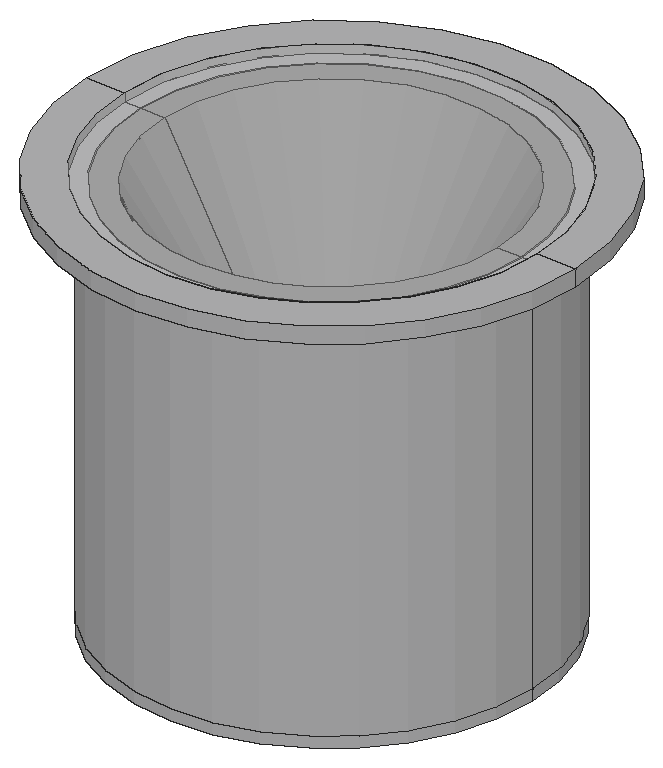
Revit family "2049519 Lighting Fixture_Sylvania_Myriad V LED_Ceiling Recessed", category Lighting Fixtures, host Face, Revit 2015
Parameters (values of type "MYRIAD SS HOUS 3000K DALI")
  Weight = 0.37 kg  # constant formula
  Wattage = 18.932 W
  built-in parameter 1150110 = 1 (stored number, unit not read)
  Voltage Comments = "UNV (Universal Voltage; 220-240 Volt)"  # constant formula
  Voltage = 240 V  # constant formula
  URL = ""
  built-in parameter 1114217 = 1 (stored number, unit not read)
  Tilt Angle = -90.00°  # constant formula
  built-in parameter 1150109 = 1 (stored number, unit not read)
  built-in parameter 1150134 = (empty or 0)
  built-in parameter 1150113 = 1 (stored number, unit not read)
  Reflector Material = Steel_Sylvania_Myrad V LED_Chrome
  Recessed Depth = Height  # 72.0 mm
  Photometric Web File = "2049519_MYRIADVLED16W3KDALI-90256.ies"
  Product Page URL = ""
  Product Family = "MYRIAD V LED - HOUSING ONLY"  # constant formula
  Photometry Comments = ""
  built-in parameter 1150105 = 77.588 (stored number, unit not read)
  Lumens = 975 lm
  built-in parameter 1150115 = 1 (stored number, unit not read)
  built-in parameter 1150137 = (empty or 0)
  built-in parameter 1150139 = (empty or 0)
  Life = "50 000"  # constant formula
  built-in parameter 1150112 = 1 (stored number, unit not read)
  built-in parameter 1150114 = 1 (stored number, unit not read)
  Lamp Comments = "15W Citizen Citiled neutral 4000K"
  LOR = "100%"  # constant formula
  Inner Radius = Cutout Radius - 2.0 mm  # 35.5 mm
  built-in parameter 1150132 = 2
  built-in parameter 1150102 = (empty or 0)
  built-in parameter 1150107 = 3000 (stored number, unit not read)
  built-in parameter 1150138 = (empty or 0)
  built-in parameter 1150106 = 0.77588 (stored number, unit not read)
  Emit from Circle Diameter = Diffuser Diameter  # 77.0 mm
  Emit Shape Visible in Rendering = no
  built-in parameter 1150104 = 4.7845 (stored number, unit not read)
  Dimming Lamp Color Temperature Shift = <None>
  Diffuser Diameter = Cutout Diameter + 2.0 mm  # 77.0 mm
  Cutout Radius = Cutout Diameter / 2  # 37.5 mm
  Cutout Diameter = 75.0 mm
  Color Filter = 16777215
  Body Material = Aluminum_Sylvania_Myrad V LED_Silver
  Beam Angle = 30.00°  # constant formula
  built-in parameter 1114218 = 1 (stored number, unit not read)
  built-in parameter 1150133 = 10 (stored number, unit not read)
  IP Rating = "IP20/44(with accessories)"  # constant formula
  Height = 72.0 mm
  Electrical Protection = "CLASS II"  # constant formula
  built-in parameter 1114216 [instance] = 1 (stored number, unit not read)
  Model = "2049519 MYRIAD SS HOUS 3000K ELEC"
  Manufacturer = "Feilo-Sylvania Group"
  Lamp = "Integrated LED"
  Diffuser Material = Polycarbonate_Sylvania_Myrad V LED_Clear
  Description = "New high output high efficiency LED downlight modules. IR/UV free light source without heat radiation. Energy efficient light source with far superior luminous flux per watt than existing Low Voltage Halogen. Long life up to 50K hours, fit and forget maintenance free lighting solution. Dimmable options including DALI as standard. IP44 & IP65 versions as standard options. New range of Architectural accessories each providing a different lit dimension. Choice of colour temperatures warm 3000K and neutral 4000K. Luminaires supplied complete with LED drivers. Emergency versions passes through cut out. New completely flush plaster up accessory ring for clean ceiling lines and smooth finish. Total circuit power I5W"  # constant formula
  Default Elevation = 0.0 mm
  built-in parameter 1140040 [instance] = 1
  Assembly Code = "D5020200"
  Apparent Load Comments = ""
  Apparent Load = 15 VA
Reference planes
  plane 1 "Center (Front/Back)": y = 0
  plane 2: z = 0
  plane 3 "Center (Left/Right)": x = 0
  plane 4 "Fixture Bottom": z = 3
  plane 5 "Diffuser": z = 1.454
  plane 6 "Fixture Top": z = -72
  plane 7 "Housing Thickness": z = -70
  plane 8 "Reflector Top": z = -33.546
Forms (mm)
  Extrusion 1, void
    sketch origin (0, 0, 58) x (-1, 0, 0) y (0, -1, 0)
      loop
        circle (0, 0) r 37.5
    from -130 to -55
  Revolve 2, solid, material "Aluminum_Sylvania_Myrad V LED_Silver" <- "Body Material", detail levels fine
    sketch origin (0, 0, 0) x (1, 0, 0) y (0, 0, 1)
      loop
        line (-45.521, 3) -> (-45.521, 0) -> (-37.5, 0) -> (-37.5, -70) -> (-35.537, -70) -> (-35.537, 1.454) -> (-38.5, 1.454) -> (-38.5, 3) -> (-45.521, 3)
      axis (0, 3) -> (0, -70)
    angle from 0 to 360
  Extrusion 3, solid, material "Aluminum_Sylvania_Myrad V LED_Silver" <- "Body Material", detail levels fine
    sketch origin (0, 0, 58) x (-1, 0, 0) y (0, -1, 0)
      loop
        circle (0, 0) r 37.5
    from -130 to -128
  Revolve 4, solid, material "Steel_Sylvania_Myrad V LED_Chrome" <- "Reflector Material", detail levels fine
    sketch origin (0, 0, 0) x (1, 0, 0) y (0, 0, 1)
      loop
        line (-35.5, -33.546) -> (0, -33.546) -> (0, -31.083) -> (-12.169, -31.083) -> (-31, 1.454) -> (-35.5, 1.454) -> (-35.5, -33.546)
      axis (0, 1.454) -> (0, -33.546)
    angle from 0 to 360
  Extrusion 5, solid, material "Polycarbonate_Sylvania_Myrad V LED_Clear" <- "Diffuser Material", detail levels fine
    sketch origin (0, 0, 58) x (-1, 0, 0) y (0, -1, 0)
      loop
        circle (0, 0) r 38.5
    from -56.546 to -55
  Revolve 6, solid, material "Aluminum_Sylvania_Myrad V LED_Silver" <- "Body Material", detail levels coarse+medium
    sketch origin (0, 0, 0) x (1, 0, 0) y (0, 0, 1)
      loop
        line (-45.521, 3) -> (-45.521, 0) -> (-37.5, 0) -> (-37.5, -72) -> (0, -72) -> (0, 3) -> (-45.521, 3)
      axis (0, 3) -> (0, -72)
    angle from 0 to 360
Cuts and joins
  joined: Revolve 2, Extrusion 3
Dimensions and locks
  locked: plane 4 "Fixture Bottom" to plane 2 at 3
  locked: plane 5 "Diffuser" to plane 2 at 1.454
  "Height": plane 2 to plane 6 "Fixture Top"
  plane 7 "Housing Thickness" to plane 6 "Fixture Top" = 2.0 mm
  "Cutout Radius": plane 3 "Center (Left/Right)" to Revolve 2 sketch curve
  locked: Revolve 2 sketch curve to Revolve 2 sketch curve at 1.963
  locked: Revolve 2 sketch curve to Revolve 2 sketch curve at 8.021
  locked: Revolve 4 sketch curve to Revolve 4 sketch curve at 2.463
  locked: Revolve 2 sketch curve to Revolve 2 sketch curve at 1
  "Inner Radius": plane 3 "Center (Left/Right)" to Revolve 4 sketch curve
  locked: Revolve 4 sketch curve to Revolve 4 sketch curve at 4.5
  locked: Revolve 4 sketch curve to Revolve 4 sketch curve at 23.331
  locked: plane 5 "Diffuser" to plane 8 "Reflector Top" at 35
  locked: Revolve 6 sketch curve to Revolve 6 sketch curve at 8.021
  "Cutout Radius": Revolve 6 sketch curve to imposter light
  "Cutout Diameter": diameter of Extrusion 1 sketch curve
  "Cutout Diameter": diameter of Extrusion 3 sketch curve
  "Diffuser Diameter": diameter of Extrusion 5 sketch curve
  aligned and locked: host face to plane 2
  aligned and locked: level to host face
  aligned and locked: Revolve 2 sketch curve to plane 4 "Fixture Bottom"
  aligned and locked: Revolve 2 sketch curve to plane 5 "Diffuser"
  aligned and locked: Revolve 2 sketch curve to plane 2
  aligned and locked: Revolve 2 sketch curve to plane 3 "Center (Left/Right)"
  aligned and locked: plane 7 "Housing Thickness" to Extrusion 3
  aligned and locked: Extrusion 3 to plane 6 "Fixture Top"
  aligned and locked: Revolve 2 sketch curve to plane 7 "Housing Thickness"
  aligned and locked: Revolve 4 sketch curve to plane 5 "Diffuser"
  aligned and locked: Revolve 4 sketch curve to plane 3 "Center (Left/Right)"  (x2)
  aligned and locked: Extrusion 5 to plane 5 "Diffuser"
  aligned and locked: plane 4 "Fixture Bottom" to Extrusion 5
  aligned and locked: Revolve 4 sketch curve to plane 8 "Reflector Top"
  aligned and locked: imposter light to plane 3 "Center (Left/Right)"
  aligned and locked: imposter light to plane 4 "Fixture Bottom"
  aligned and locked: imposter light to plane 1 "Center (Front/Back)"
  aligned and locked: Revolve 6 sketch curve to plane 6 "Fixture Top"
  aligned and locked: Revolve 6 sketch curve to imposter light  (x2)
  aligned and locked: Revolve 6 sketch curve to plane 2
  aligned and locked: imposter light to Extrusion 1
  aligned and locked: Extrusion 1 to plane 6 "Fixture Top"
Automatic sketch dimensions
  host sketch curve to host sketch curve = 345.0 mm
  host sketch curve to host sketch curve = 280.0 mm
  plane 1 "Center (Front/Back)" to Extrusion 1 sketch curve = 0.0 mm
  Extrusion 1 sketch curve to plane 3 "Center (Left/Right)" = 0.0 mm
  plane 8 "Reflector Top" to Revolve 2 sketch curve = 16.453 mm
  plane 4 "Fixture Bottom" to Revolve 2 sketch curve = 14.907 mm
  plane 1 "Center (Front/Back)" to Extrusion 3 sketch curve = 0.0 mm
  Extrusion 3 sketch curve to plane 3 "Center (Left/Right)" = 0.0 mm
  plane 4 "Fixture Bottom" to Revolve 4 sketch curve = 9.307 mm
  Revolve 4 sketch curve to Revolve 4 sketch curve = 25.0 mm
  plane 1 "Center (Front/Back)" to Extrusion 5 sketch curve = 0.0 mm
  Extrusion 5 sketch curve to plane 3 "Center (Left/Right)" = 0.0 mm
  Revolve 6 sketch curve to plane 3 "Center (Left/Right)" = 0.0 mm
  plane 8 "Reflector Top" to Revolve 6 sketch curve = 16.453 mm
  Revolve 6 sketch curve to Revolve 6 sketch curve = 14.907 mm
Connectors
  electrical at (0, 0, -72), driven by "Voltage", driven by "Apparent Load"
    settings: on cut or joined group of Revolve 2, Extrusion 3, index 1, voltage 240 V, apparent load 0 VA, apparent load phase1 15 VA, apparent load phase2 0 VA, apparent load phase3 0 VA, power factor 1, load classification "Lighting", number of poles 1, system type 31, power factor state 1, is connector primary yes, connector utility no, sub classification motor no, connector description ""
